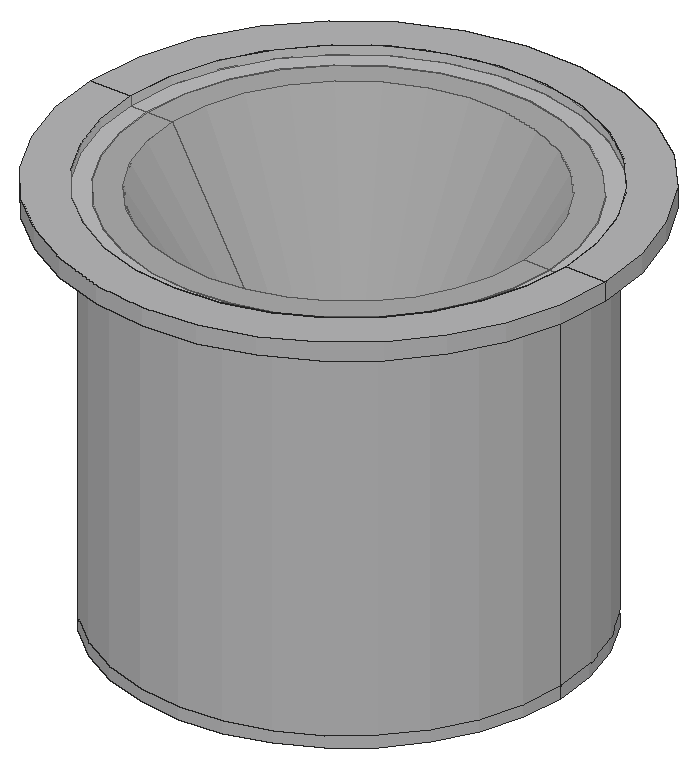
Revit family "2049526 Lighting Fixture_Sylvania_Myriad V LED_Ceiling Recessed", category Lighting Fixtures, host Face, Revit 2015
Parameters (values of type "MYRIAD SS IP65 3000K DIM WH EM")
  Weight = 1.42 kg
  Wattage = 17.2666 W
  built-in parameter 1150110 = 1 (stored number, unit not read)
  Voltage Comments = "UNV (Universal Voltage; 220-240 Volt)"  # constant formula
  Voltage = 240 V  # constant formula
  URL = ""
  built-in parameter 1114217 = 1 (stored number, unit not read)
  Tilt Angle = -90.00°  # constant formula
  built-in parameter 1150109 = 1 (stored number, unit not read)
  built-in parameter 1150134 = (empty or 0)
  built-in parameter 1150113 = 1 (stored number, unit not read)
  Reflector Material = Steel_Sylvania_Myrad V LED_Chrome
  Recessed Depth = 72.0 mm
  Photometric Web File = "2049526_MYRIADV13WLED3K+Dimmable+Emergency-90679.ies"
  Product Page URL = ""
  Product Family = "MYRIAD V LED - IP65 GLASS WHITE BEZEL"  # constant formula
  Photometry Comments = ""
  built-in parameter 1150105 = 434.82 (stored number, unit not read)
  Lumens = 283 lm
  built-in parameter 1150115 = 1 (stored number, unit not read)
  built-in parameter 1150137 = (empty or 0)
  built-in parameter 1150139 = (empty or 0)
  Life = "50 000h"  # constant formula
  built-in parameter 1150112 = 1 (stored number, unit not read)
  built-in parameter 1150114 = 1 (stored number, unit not read)
  Lamp Comments = "13W Citizen Citiled neutral 3000K"
  LOR = "100%"
  Inner Radius = Cutout Radius - 2.0 mm  # 36.0 mm
  built-in parameter 1150132 = 2
  built-in parameter 1150102 = (empty or 0)
  built-in parameter 1150107 = 3000 (stored number, unit not read)
  built-in parameter 1150138 = (empty or 0)
  built-in parameter 1150106 = 4.3482 (stored number, unit not read)
  Energy Class = "A++A+A"  # constant formula
  Emit from Circle Diameter = Diffuser Diameter  # 78.0 mm
  Emit Shape Visible in Rendering = no
  built-in parameter 1150104 = 1.5227 (stored number, unit not read)
  Dimming Range = "Dimmable"  # constant formula
  Dimming Lamp Color Temperature Shift = <None>
  Diffuser Diameter = Cutout Diameter + 2.0 mm  # 78.0 mm
  Diameter = Cutout Diameter  # 76.0 mm
  Cutout Radius = Cutout Diameter / 2  # 38.0 mm
  Cutout Diameter = 76.0 mm
  Control Gear Type = "Dimmable + Emergency"
  Color Filter = 16777215
  Catalog Number = "2049526 MYRIAD SS IP65 3000K DIM WH EM"
  Body Material = Aluminum_Sylvania_Myrad V LED_Silver
  Beam Angle = 30.00°  # constant formula
  built-in parameter 1114218 = 1 (stored number, unit not read)
  built-in parameter 1150133 = 10 (stored number, unit not read)
  IP Rating = "IP65"  # constant formula
  Electrical Protection = "CLASS II"  # constant formula
  built-in parameter 1114216 [instance] = 1 (stored number, unit not read)
  Model = "MYRIAD SS IP65 3000K DIM WH EM"
  Manufacturer = "Feilo-Sylvania Group"
  Lamp = "Integrated LED"
  Diffuser Material = Polycarbonate_Sylvania_Myrad V LED_Clear
  Description = "New high output high efficiency LED downlight modules. IR/UV free light source without heat radiation. Energy efficient light source with far superior luminous flux per watt than existing Low Voltage Halogen. Long life up to 50K hours, fit and forget maintenance free lighting solution. Dimmable options including DALI as standard. IP44 & IP65 versions as standard options. New range of Architectural accessories each providing a different lit dimension. Choice of colour temperatures warm 3000K and neutral 4000K. Luminaires supplied complete with LED drivers. Emergency versions passes through cut out. New completely flush plaster up accessory ring for clean ceiling lines and smooth finish. Total circuit power I5W"  # constant formula
  Default Elevation = 0.0 mm
  built-in parameter 1140040 [instance] = 1
  Assembly Code = "D5020200"
  Apparent Load Comments = ""
  Apparent Load = 15 VA
Reference planes
  plane 1 "Center (Front/Back)": y = 0
  plane 2: z = 0
  plane 3 "Center (Left/Right)": x = 0
  plane 4 "Fixture Bottom": z = 3
  plane 5 "Diffuser": z = 1.454
  plane 6 "Housing Top": z = -66.546
  plane 7 "Housing Thickness": z = -64.546
  plane 8 "Reflector Top": z = -33.546
  plane 9 "Fixture Top": z = -72
Forms (mm)
  Extrusion 1, void
    sketch origin (0, 0, 58) x (-1, 0, 0) y (0, -1, 0)
      loop
        circle (0, 0) r 38
    from -124.546 to -55
  Revolve 2, solid, material "Aluminum_Sylvania_Myrad V LED_Silver" <- "Body Material", detail levels fine
    sketch origin (0, 0, 0) x (1, 0, 0) y (0, 0, 1)
      loop
        line (-46.021, 3) -> (-46.021, 0) -> (-38, 0) -> (-38, -64.546) -> (-36.037, -64.546) -> (-36.037, 1.454) -> (-39, 1.454) -> (-39, 3) -> (-46.021, 3)
      axis (0, 3) -> (0, -64.546)
    angle from 0 to 360
  Extrusion 3, solid, material "Aluminum_Sylvania_Myrad V LED_Silver" <- "Body Material", detail levels fine
    sketch origin (0, 0, 58) x (-1, 0, 0) y (0, -1, 0)
      loop
        circle (0, 0) r 38
    from -124.546 to -122.546
  Revolve 4, solid, material "Steel_Sylvania_Myrad V LED_Chrome" <- "Reflector Material", detail levels fine
    sketch origin (0, 0, 0) x (1, 0, 0) y (0, 0, 1)
      loop
        line (-36, -33.546) -> (0, -33.546) -> (0, -31.083) -> (-12.669, -31.083) -> (-31.5, 1.454) -> (-36, 1.454) -> (-36, -33.546)
      axis (0, 1.454) -> (0, -33.546)
    angle from 0 to 360
  Extrusion 5, solid, material "Polycarbonate_Sylvania_Myrad V LED_Clear" <- "Diffuser Material", detail levels fine
    sketch origin (0, 0, 58) x (-1, 0, 0) y (0, -1, 0)
      loop
        circle (0, 0) r 39
    from -56.546 to -55
  Revolve 6, solid, material "Aluminum_Sylvania_Myrad V LED_Silver" <- "Body Material", detail levels coarse+medium
    sketch origin (0, 0, 0) x (1, 0, 0) y (0, 0, 1)
      loop
        line (-46.021, 3) -> (-46.021, 0) -> (-38, 0) -> (-38, -72) -> (0, -72) -> (0, 3) -> (-46.021, 3)
      axis (0, 3) -> (0, -72)
    angle from 0 to 360
  Revolve 7, solid
    sketch origin (0, 0, 0) x (1, 0, 0) y (0, 0, 1)
      loop
        line (-28, -66.546) -> (-28, -70)
        arc (-28, -70) -> (-27.414, -71.414) -> (-26, -72) r 2
        line (-26, -72) -> (-4.499, -72) -> (-4.499, -66.546) -> (-28, -66.546)
      axis (-4.499, -66.546) -> (-4.499, -72)
    angle from 0 to 360
Cuts and joins
  joined: Revolve 2, Extrusion 3
Dimensions and locks
  locked: plane 4 "Fixture Bottom" to plane 2 at 3
  locked: plane 5 "Diffuser" to plane 2 at 1.454
  "Cutout Radius": plane 3 "Center (Left/Right)" to Revolve 2 sketch curve
  locked: Revolve 2 sketch curve to Revolve 2 sketch curve at 1.963
  locked: Revolve 2 sketch curve to Revolve 2 sketch curve at 8.021
  locked: Revolve 4 sketch curve to Revolve 4 sketch curve at 2.463
  locked: Revolve 2 sketch curve to Revolve 2 sketch curve at 1
  "Inner Radius": plane 3 "Center (Left/Right)" to Revolve 4 sketch curve
  locked: Revolve 4 sketch curve to Revolve 4 sketch curve at 4.5
  locked: Revolve 4 sketch curve to Revolve 4 sketch curve at 23.331
  locked: plane 5 "Diffuser" to plane 8 "Reflector Top" at 35
  locked: Revolve 6 sketch curve to Revolve 6 sketch curve at 8.021
  "Cutout Radius": Revolve 6 sketch curve to imposter light
  "Recessed Depth": plane 2 to plane 9 "Fixture Top"
  locked: Revolve 7 sketch curve to imposter light at 4.499
  imposter light to Revolve 7 sketch curve = 28.0 mm
  plane 7 "Housing Thickness" to plane 6 "Housing Top" to plane 9 "Fixture Top" = 2.0 mm locked, 5.454 mm locked
  "Cutout Diameter": diameter of Extrusion 1 sketch curve
  "Cutout Diameter": diameter of Extrusion 3 sketch curve
  "Diffuser Diameter": diameter of Extrusion 5 sketch curve
  aligned and locked: host face to plane 2
  aligned and locked: level to host face
  aligned and locked: Revolve 2 sketch curve to plane 4 "Fixture Bottom"
  aligned and locked: Revolve 2 sketch curve to plane 5 "Diffuser"
  aligned and locked: Revolve 2 sketch curve to plane 2
  aligned and locked: Revolve 2 sketch curve to plane 3 "Center (Left/Right)"
  aligned and locked: plane 7 "Housing Thickness" to Extrusion 3
  aligned and locked: Extrusion 3 to plane 6 "Housing Top"
  aligned and locked: Revolve 2 sketch curve to plane 7 "Housing Thickness"
  aligned and locked: Revolve 4 sketch curve to plane 5 "Diffuser"
  aligned and locked: Revolve 4 sketch curve to plane 3 "Center (Left/Right)"  (x2)
  aligned and locked: Extrusion 5 to plane 5 "Diffuser"
  aligned and locked: plane 4 "Fixture Bottom" to Extrusion 5
  aligned and locked: Revolve 4 sketch curve to plane 8 "Reflector Top"
  aligned and locked: imposter light to plane 3 "Center (Left/Right)"
  aligned and locked: imposter light to plane 4 "Fixture Bottom"
  aligned and locked: imposter light to plane 1 "Center (Front/Back)"
  aligned and locked: Revolve 6 sketch curve to imposter light  (x2)
  aligned and locked: Revolve 6 sketch curve to plane 2
  aligned and locked: imposter light to Extrusion 1
  aligned and locked: Extrusion 1 to plane 6 "Housing Top"
  aligned and locked: Revolve 7 sketch curve to plane 6 "Housing Top"
  aligned and locked: Revolve 7 sketch curve to plane 9 "Fixture Top"
  aligned and locked: Revolve 7 sketch curve to Revolve 7 sketch curve
  aligned and locked: Revolve 6 sketch curve to plane 9 "Fixture Top"
Automatic sketch dimensions
  host sketch curve to host sketch curve = 345.0 mm
  host sketch curve to host sketch curve = 280.0 mm
  Revolve 7 sketch curve to plane 6 "Housing Top" = 0.0 mm
  Revolve 7 sketch curve to Revolve 7 sketch curve = 2.0 mm
  Revolve 7 sketch curve to plane 9 "Fixture Top" = 8.594 mm
  plane 1 "Center (Front/Back)" to Extrusion 1 sketch curve = 0.0 mm
  Extrusion 1 sketch curve to plane 3 "Center (Left/Right)" = 0.0 mm
  plane 8 "Reflector Top" to Revolve 2 sketch curve = 16.453 mm
  plane 4 "Fixture Bottom" to Revolve 2 sketch curve = 14.907 mm
  plane 1 "Center (Front/Back)" to Extrusion 3 sketch curve = 0.0 mm
  Extrusion 3 sketch curve to plane 3 "Center (Left/Right)" = 0.0 mm
  plane 4 "Fixture Bottom" to Revolve 4 sketch curve = 9.307 mm
  Revolve 4 sketch curve to Revolve 4 sketch curve = 25.0 mm
  plane 1 "Center (Front/Back)" to Extrusion 5 sketch curve = 0.0 mm
  Extrusion 5 sketch curve to plane 3 "Center (Left/Right)" = 0.0 mm
  Revolve 6 sketch curve to plane 3 "Center (Left/Right)" = 0.0 mm
  plane 8 "Reflector Top" to Revolve 6 sketch curve = 16.453 mm
  Revolve 6 sketch curve to Revolve 6 sketch curve = 14.907 mm
Connectors
  electrical at (0, 0, -72), driven by "Voltage", driven by "Apparent Load"
    settings: index 1, voltage 240 V, apparent load 0 VA, apparent load phase1 15 VA, apparent load phase2 0 VA, apparent load phase3 0 VA, power factor 1, load classification "Lighting", number of poles 1, system type 31, power factor state 1, is connector primary yes, connector utility no, sub classification motor no, connector description ""
